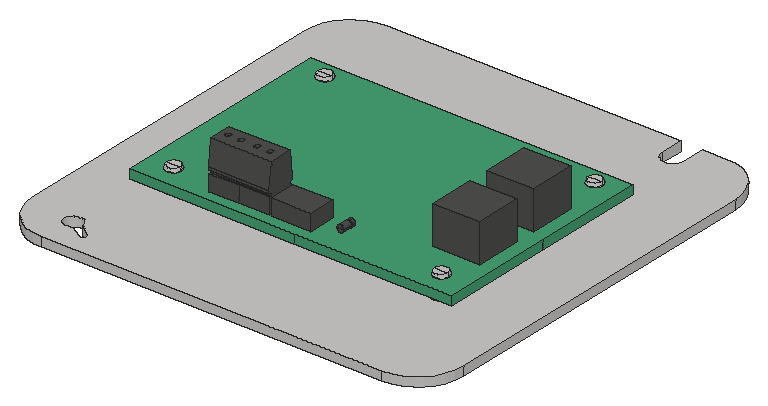
Revit family "NXRO", category Communication Devices, host Face, Revit 2021
Family settings
  Host = Face
  Maintain Annotation Orientation = No
  Round Connector Dimension = Use Diameter
  Part Type = Normal
  OmniClass Number = 23.85.80.11.27
  OmniClass Title = Lighting Controls
  Cut with Voids When Loaded = No
  Shared = Yes
  Room Calculation Point = No
Parameters (values of type "NXRO")
  White Element = Glass, White, High Luminance
  Warranty = "5-Years Warranty"  # constant formula
  Voltage = 24 V
  Type Comments = "NX Occupancy Output Interface"  # constant formula
  Steel = Metal-Galvanized_Steel
  Product Page URL = ""
  Product Documentation Link = ""
  URL = "https://www.currentlighting.com/nxlightingcontrols"
  Model = "NXRO"  # constant formula
  Manufacturer = " NX Lighting Controls"  # constant formula
  Green Element = Plastic -  Green
  Features = "• Mounts to standard 4 11/16\" junction box, Raco #257 or similar\r\n• Removable terminal bloc for input connection\r\n• Connects to and is powered by NX SmartPORT\r\n• Supports multiple occupancy sensors in the zone\r\n• Low voltage Form C output relay supports NC and NO operation\r\n• Low voltage device: 24 VDC"
  Description = "The NX Occupancy Output Interface provides a means to\r\ncommunicate the occupancy state of an NX distributed control\r\nzone to HVAC or other systems using simple contact closure. The\r\nNXRO connects to the SmartPORT™ and provides the aggregate\r\noccupancy state of the zone as reported by one or more\r\noccupancy sensors."  # constant formula
  Default Elevation = 48.00"
  Copyright = "Copyright © NX Lighting Controls"  # constant formula
  Contact Us = ""
  Black Material = Paint - Black Matte Textured
  Assembly Code = "D5090"
  Apparent Load = 0 VA
Reference planes (in)
  plane 1 "Center (Front/Back)": y = 11.68155
  plane 2: z = 0
  plane 3 "Center (Left/Right)": x = 0
  plane 4: z = 1.38
  plane 5: x = 2.38
  plane 6: x = -2.38
  plane 7: y = 14.06155
  plane 8: y = 9.30155
Forms (in)
  Extrusion 1, solid, material "Metal-Galvanized_Steel" <- "Steel"
    sketch origin (0, 0, 0) x (1, 0, 0) y (0, 1, 0)
      loop
        line (-1.88, 9.30155) -> (1.88, 9.30155)
        arc (1.88, 9.30155) -> (2.23355, 9.448) -> (2.38, 9.80155) r 0.5
        line (2.38, 9.80155) -> (2.38, 13.56155)
        arc (2.38, 13.56155) -> (2.23355, 13.91511) -> (1.88, 14.06155) r 0.5
        line (1.88, 14.06155) -> (1.61769, 14.06155) -> (1.61769, 13.81155)
        arc (1.61769, 13.81155) -> (1.49269, 13.68655) -> (1.36769, 13.81155) r 0.125
        line (1.36769, 13.81155) -> (1.36769, 14.06155) -> (-1.88, 14.06155)
        arc (-1.88, 14.06155) -> (-2.23355, 13.91511) -> (-2.38, 13.56155) r 0.5
        line (-2.38, 13.56155) -> (-2.38, 9.80155)
        arc (-2.38, 9.80155) -> (-2.23355, 9.448) -> (-1.88, 9.30155) r 0.5
      loop
        arc (-1.73425, 9.67849) -> (-1.92135, 9.72883) -> (-1.77598, 9.60074) r 0.09949
        line (-1.77598, 9.60074) -> (-1.64496, 9.51237)
        arc (-1.64496, 9.51237) -> (-1.58402, 9.52421) -> (-1.59586, 9.58515) r 0.0439
        line (-1.59586, 9.58515) -> (-1.73425, 9.67849)
    from 0.1 to 0
  Extrusion 2, solid, material "Plastic -  Green" <- "Green Element"
    sketch origin (0, 0, 0) x (1, 0, 0) y (0, 1, 0)
      loop
        line (-1.8125, 12.93155) -> (-1.8125, 11.68155) -> (-1.8125, 10.43155) -> (0, 10.43155) -> (1.75, 10.43155) -> (1.75, 11.68155) -> (1.75, 12.93155) -> (0, 12.93155) -> (-1.8125, 12.93155)
    from 0.3 to 0.2
  Revolve 3, solid, material "Metal-Galvanized_Steel" <- "Steel"
    sketch origin (-0.17187, 12.7542, 0) x (1, 0, 0) y (0, 0, 1)
      loop
        line (-1.34349, 0.33405) -> (-1.34349, 0) -> (-1.22734, 0) -> (-1.22734, 0.08365) -> (-1.22734, 0.12718) -> (-1.26074, 0.16058) -> (-1.26074, 0.2) -> (-1.26074, 0.2594) -> (-1.26074, 0.3) -> (-1.26987, 0.33405) -> (-1.34349, 0.33405)
      axis (-1.34349, 0.33405) -> (-1.34349, 0)
    angle from 0 to 360
  Revolve 4, solid, material "Metal-Galvanized_Steel" <- "Steel"
    sketch origin (-0.1875, 10.68704, 0) x (1, 0, 0) y (0, 0, -1)
      loop
        line (-1.34349, -0.33405) -> (-1.26987, -0.33405) -> (-1.26074, -0.3) -> (-1.26074, -0.2594) -> (-1.26074, -0.2) -> (-1.26074, -0.16058) -> (-1.22734, -0.12718) -> (-1.22734, -0.08365) -> (-1.22734, 0) -> (-1.34349, 0) -> (-1.34349, -0.33405)
      axis (-1.34349, -0.33405) -> (-1.34349, 0)
    angle from 0 to 360
  Revolve 5, solid, material "Metal-Galvanized_Steel" <- "Steel"
    sketch origin (0.125, 12.7542, 0) x (-1, 0, 0) y (0, 0, -1)
      loop
        line (-1.34349, -0.33405) -> (-1.26987, -0.33405) -> (-1.26074, -0.3) -> (-1.26074, -0.2594) -> (-1.26074, -0.2) -> (-1.26074, -0.16058) -> (-1.22734, -0.12718) -> (-1.22734, -0.08365) -> (-1.22734, 0) -> (-1.34349, 0) -> (-1.34349, -0.33405)
      axis (-1.34349, -0.33405) -> (-1.34349, 0)
    angle from 0 to 360
  Revolve 6, solid, material "Metal-Galvanized_Steel" <- "Steel"
    sketch origin (0.09375, 10.67141, 0) x (-1, 0, 0) y (0, 0, 1)
      loop
        line (-1.34349, 0.33405) -> (-1.34349, 0) -> (-1.22734, 0) -> (-1.22734, 0.08365) -> (-1.22734, 0.12718) -> (-1.26074, 0.16058) -> (-1.26074, 0.2) -> (-1.26074, 0.2594) -> (-1.26074, 0.3) -> (-1.26987, 0.33405) -> (-1.34349, 0.33405)
      axis (-1.34349, 0.33405) -> (-1.34349, 0)
    angle from 0 to 360
  Extrusion 7, solid, material "Paint - Black Matte Textured" <- "Black Material"
    sketch origin (0, 0, 0) x (1, 0, 0) y (0, 1, 0)
      loop
        line (1.07477, 12.26881) -> (1.07477, 11.75081) -> (1.59142, 11.75081) -> (1.59142, 12.26881) -> (1.07477, 12.26881)
      loop
        line (1.07477, 11.51881) -> (1.07477, 11.00717) -> (1.59142, 11.00717) -> (1.59142, 11.51881) -> (1.07477, 11.51881)
    from 0.72 to 0.3
  Extrusion 8, solid, material "Paint - Black Matte Textured" <- "Black Material"
    sketch origin (0, 0, 0) x (1, 0, 0) y (0, 1, 0)
      loop
        line (-1.00063, 10.85069) -> (-1.03163, 10.85069) -> (-1.03163, 10.76408) -> (-1.03163, 10.55381) -> (-0.70532, 10.55381) -> (-0.36338, 10.55381) -> (-0.36338, 10.76408) -> (-0.36338, 10.85069) -> (-0.41001, 10.85069) -> (-1.00063, 10.85069)
      loop
        line (-0.34545, 10.85069) -> (-0.34545, 10.55381) -> (0.09364, 10.55381) -> (0.09364, 10.85069) -> (-0.34545, 10.85069)
    from 0.47751 to 0.3
  Revolve 9, solid, material "Paint - Black Matte Textured" <- "Black Material"
    sketch origin (12.8813, 10.91703, 0.33994) x (0, 1, 0) y (-1, 0, 0)
      loop
        line (-0.22328, 12.57268) -> (-0.07227, 12.57268) -> (-0.07227, 12.61114) -> (-0.10469, 12.61114)
        arc (-0.10469, 12.61114) -> (-0.11469, 12.60114) -> (-0.12469, 12.61114) r 0.01
        line (-0.12469, 12.61114) -> (-0.22328, 12.61114) -> (-0.22328, 12.57268)
      axis (-0.22328, 12.57268) -> (-0.07227, 12.57268)
    angle from 0 to 360
  Extrusion 10, solid, material "Paint - Black Matte Textured" <- "Black Material"
    sketch origin (0, 0, 0) x (0, 1, 0) y (0, 0, 1)
      loop
        line (10.57798, 0.47751) -> (10.82798, 0.47751) -> (10.82798, 0.51256) -> (10.85898, 0.51256) -> (10.85898, 0.54356) -> (10.82798, 0.82175) -> (10.57798, 0.82175) -> (10.54698, 0.54356) -> (10.54698, 0.51256) -> (10.57798, 0.51256) -> (10.57798, 0.47751)
    from -0.36338 to -1.03163
  Extrusion 11, void
    sketch origin (-0.58263, 0, 0) x (1, 0, 0) y (0, 1, 0)
      loop
        circle (-0.36127, 10.70382) r 0.031
      loop
        circle (-0.21298, 10.70382) r 0.031
      loop
        circle (-0.03683, 10.70382) r 0.031
      loop
        circle (0.10829, 10.70382) r 0.031
    from 0.82175 to 0.80452
Cuts and joins
  Extrusion 11 cuts Extrusion 10
  joined: Extrusion 8, Extrusion 10
Dimensions and locks (in)
  aligned and locked: plane 2 to host face
  aligned and locked: level to host face
  aligned and locked: Extrusion 8 to Extrusion 2
  aligned and locked: Extrusion 7 to Extrusion 2
Connectors (in)
  electrical at (0.49756, 12.43322, 0.1)
    settings: on Extrusion 1, index 1, voltage 0 V, apparent load 0 VA, apparent load phase1 0 VA, apparent load phase2 0 VA, apparent load phase3 0 VA, power factor 1, load classification "Other", number of poles 1, system type 14, power factor state 1, is connector primary yes, connector utility no, sub classification motor no, connector description "Occupancy Output Interface"
